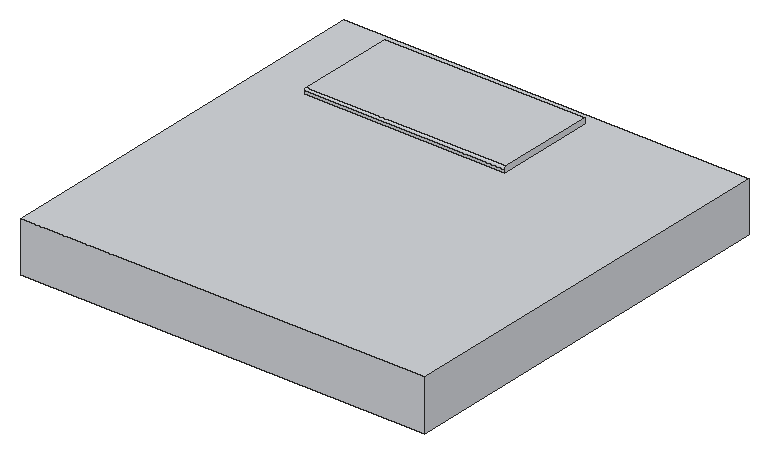
Revit family
Parameters
  Width = 2' - 0"
  URL = "www.coldspringgranite.com"
  TypicalJointSize = 0' - 0 1/2"
  StopFilletRightVisibilityOn = not(StopFilletRightVisibilityOff)  # no
  StopFilletRightVisibilityOff = StopFilletRight = 0' 0"  # yes
  StopFilletRight = 0' - 0"
  StopFilletLeftVisibilityOn = not(StopFilletLeftVisibilityOff)  # no
  StopFilletLeftVisibilityOff = StopFilletLeft = 0' 0"  # yes
  StopFilletLeft = 0' - 0"
  StoneMaterial = none
  Product Name = "Countertop Stone Panels with Radius Front Edge"
  Product Documentation Link = "http://www.coldspringgranite.com/BIM_Families/Family_Detail/Countertop_Stone_Panels_with_Radius_Front_Edge/"
  PhoneNumber = "800-551-7502"
  Notes = ""
  Model = "N/A"
  MaximumFilletRadius = if(Height < FilletRadius, Height - 0' 0 1/32", FilletRadius)  # 0' - 0 1/2"
  Manufacturer = "Cold Spring Granite Company"
  Low Emitting Material = yes
  Low Emitting Finish = yes
  Location = "17482 Granite West Road, Cold Spring, MN 56320-4578"
  Length [instance] = 4' - 0"
  LEED Credit = ""
  Keynote = "123640"
  JointRightOff = no
  JointRight = if(JointRightOff, 0' 0", TypicalJointSize / 2)  # 0' - 0 1/4"
  JointLeftOff = no
  JointLeft = if(JointLeftOff, 0' 0", TypicalJointSize / 2)  # 0' - 0 1/4"
  JointBackOff = no
  JointBack = if(JointBackOff, 0' 0", TypicalJointSize / 2)  # 0' - 0 1/4"
  Height = 0' - 1 3/16"
  FilletRadius = 0' - 0 1/2"
  Description = "Stone Countertop Fillet Front Edge"
  Default Elevation = 0' - 0"
  CountertopHeight = 2' - 10"
  Assembly Code = "C1030400"
Reference planes (in)
  plane 1 "Center (Front/Back)": y = 0
  plane 2: z = 0
  plane 3 "Center (Left/Right)": x = 0
  plane 4 "StoneLeft": x = 0.25
  plane 5 "StoneRight": x = 47.75
  plane 6 "JointRightCenter": x = 48
  plane 7 "StoneBack": y = -0.25
  plane 8 "StoneFront": y = -24
  plane 9 "StopFilletLeft": x = 0.25
  plane 10 "StopFilletRight": x = 47.75
  plane 11 "StoneTop": z = 34
  plane 12 "StoneBottom": z = 32.8125
  plane 13 "FilletRadiusTop": y = -23.5
  plane 14 "FilletRadiusFront": z = 33.5
Forms (in)
  Extrusion 1, solid
    sketch origin (0, 0, 0) x (1, 0, 0) y (0, 1, 0)
      loop
        line (-48, 48) -> (-48, -48) -> (48, -48) -> (48, 48) -> (-48, 48)
    from 0 to -12
  Extrusion 2, solid, material <- "StoneMaterial", detail levels medium+fine
    sketch origin (0, 0, 0) x (1, 0, 0) y (0, 1, 0)
      loop
        line (0.25, -24) -> (47.75, -24) -> (47.75, -0.25) -> (0.25, -0.25) -> (0.25, -24)
    from 32.8125 to 34
  Extrusion 3, void, detail levels medium+fine
    sketch origin (0, 0, 0) x (0, 1, 0) y (0, 0, 1)
      loop
        arc (-24, 33.5) -> (-23.85355, 33.85355) -> (-23.5, 34) r 0.5
        line (-23.5, 34) -> (-24, 34) -> (-24, 33.5)
    from 0.25 to 47.75
  Extrusion 4, solid, material <- "StoneMaterial", detail levels coarse
    sketch origin (0, 0, 0) x (1, 0, 0) y (0, 1, 0)
      loop
        line (0, -24) -> (48, -24) -> (48, 0) -> (0, 0) -> (0, -24)
    from 32.8125 to 34
Cuts and joins
  Extrusion 3 cuts Extrusion 2
Lines and regions (in)
  Masking region 1, detail levels coarse
    outline origin (0, 0, 34) x (-1, 0, 0) y (0, -1, 0)
      loop
        line (0, 24) -> (-48, 24) -> (-48, 0) -> (0, 0) -> (0, 24)
  Masking region 2, detail levels medium+fine
    outline origin (0, 0, 34) x (-1, 0, 0) y (0, -1, 0)
      loop
        line (-0.25, 0.25) -> (-0.25, 24) -> (-47.75, 24) -> (-47.75, 0.25) -> (-0.25, 0.25)
  Masking region 3, detail levels coarse
    outline origin (0.25, 0, 0) x (0, 1, 0) y (0, 0, 1)
      loop
        line (0, 34) -> (-24, 34) -> (-24, 32.8125) -> (0, 32.8125) -> (0, 34)
  Masking region 4, visible <- "StopFilletLeftVisibilityOn", detail levels medium
    outline origin (0.25, 0, 0) x (0, 1, 0) y (0, 0, 1)
      loop
        line (-0.25, 34) -> (-24, 34) -> (-24, 32.8125) -> (-0.25, 32.8125) -> (-0.25, 34)
  Masking region 5, visible <- "StopFilletLeftVisibilityOff", detail levels medium
    outline origin (0.25, 0, 0) x (0, 1, 0) y (0, 0, 1)
      loop
        line (-0.25, 34) -> (-23.5, 34)
        arc (-23.5, 34) -> (-23.85355, 33.85355) -> (-24, 33.5) r 0.5
        line (-24, 33.5) -> (-24, 32.8125) -> (-0.25, 32.8125) -> (-0.25, 34)
  Masking region 6, detail levels fine
    outline origin (0.25, 0, 0) x (0, 1, 0) y (0, 0, 1)
      loop
        arc (-23.5, 34) -> (-23.85355, 33.85355) -> (-24, 33.5) r 0.5
        line (-24, 33.5) -> (-24, 32.8125) -> (-0.25, 32.8125) -> (-0.25, 34) -> (-23.5, 34)
  Masking region 7, visible <- "StopFilletRightVisibilityOn", detail levels medium
    outline origin (47.75, 0, 0) x (0, -1, 0) y (0, 0, 1)
      loop
        line (24, 32.8125) -> (24, 34) -> (0.25, 34) -> (0.25, 32.8125) -> (24, 32.8125)
  Masking region 8, visible <- "StopFilletRightVisibilityOff", detail levels medium
    outline origin (47.75, 0, 0) x (0, -1, 0) y (0, 0, 1)
      loop
        arc (24, 33.5) -> (23.85355, 33.85355) -> (23.5, 34) r 0.5
        line (23.5, 34) -> (0.25, 34) -> (0.25, 32.8125) -> (24, 32.8125) -> (24, 33.5)
  Masking region 9, detail levels coarse
    outline origin (0, -24, 0) x (1, 0, 0) y (0, 0, 1)
      loop
        line (0, 34) -> (0, 32.8125) -> (48, 32.8125) -> (48, 34) -> (0, 34)
  Masking region 10, detail levels medium+fine
    outline origin (0, -24, 0) x (1, 0, 0) y (0, 0, 1)
      loop
        line (0.25, 34) -> (0.25, 32.8125) -> (47.75, 32.8125) -> (47.75, 34) -> (0.25, 34)
  symbolic lines, detail levels medium+fine
    curve 1: line (0.25, -24, 34) -> (0.25, -23.5, 34)
    curve 2: line (0.25, -23.5, 34) -> (47.75, -23.5, 34)
    curve 3: line (47.75, -23.5, 34) -> (47.75, -24, 34)
    curve 4: line (0.25, -24, 34) -> (0.25, -24, 33.5)
    curve 5: line (0.25, -24, 33.5) -> (47.75, -24, 33.5)
    curve 6: line (47.75, -24, 33.5) -> (47.75, -24, 34)
Dimensions and locks (in)
  "Length": plane 3 "Center (Left/Right)" to plane 6 "JointRightCenter"
  "JointRight": plane 5 "StoneRight" to plane 6 "JointRightCenter"
  "JointLeft": plane 3 "Center (Left/Right)" to plane 4 "StoneLeft"
  "StopFilletLeft": plane 4 "StoneLeft" to plane 9 "StopFilletLeft"
  "StopFilletRight": plane 10 "StopFilletRight" to plane 5 "StoneRight"
  "JointBack": plane 1 "Center (Front/Back)" to plane 7 "StoneBack"
  "Width": plane 8 "StoneFront" to plane 1 "Center (Front/Back)"
  "Height": plane 11 "StoneTop" to plane 12 "StoneBottom"
  "CountertopHeight": plane 11 "StoneTop" to plane 2
  "MaximumFilletRadius": plane 11 "StoneTop" to plane 14 "FilletRadiusFront"
  "MaximumFilletRadius": plane 13 "FilletRadiusTop" to plane 8 "StoneFront"
  "FilletRadius": radius of Extrusion 3 sketch curve
  aligned and locked: plane 2 to Extrusion 1
  aligned and locked: level to Extrusion 1
  aligned and locked: plane 7 "StoneBack" to Extrusion 2
  aligned and locked: Extrusion 2 to plane 4 "StoneLeft"
  aligned and locked: Extrusion 2 to plane 5 "StoneRight"
  aligned and locked: plane 8 "StoneFront" to Extrusion 2
  aligned and locked: plane 11 "StoneTop" to Extrusion 2
  aligned and locked: plane 12 "StoneBottom" to Extrusion 2
  aligned and locked: plane 8 "StoneFront" to Extrusion 3 sketch curve
  aligned and locked: plane 14 "FilletRadiusFront" to Extrusion 3 sketch curve  (x2)
  aligned and locked: plane 13 "FilletRadiusTop" to Extrusion 3 sketch curve  (x2)
  aligned and locked: Extrusion 3 sketch curve to Extrusion 2
  aligned and locked: Extrusion 2 to Extrusion 3 sketch curve
  aligned and locked: plane 11 "StoneTop" to Extrusion 3 sketch curve
  aligned and locked: cut or joined group of Extrusion 2, Extrusion 3 to plane 10 "StopFilletRight"
  aligned and locked: cut or joined group of Extrusion 2, Extrusion 3 to plane 9 "StopFilletLeft"
  aligned and locked: Extrusion 4 to plane 1 "Center (Front/Back)"
  aligned and locked: plane 6 "JointRightCenter" to Extrusion 4
  aligned and locked: plane 8 "StoneFront" to Extrusion 4
  aligned and locked: Extrusion 4 to plane 3 "Center (Left/Right)"
  aligned and locked: plane 11 "StoneTop" to Extrusion 4
  aligned and locked: plane 12 "StoneBottom" to Extrusion 4
  aligned and locked: Masking region 1 to plane 1 "Center (Front/Back)"
  aligned and locked: Masking region 1 to plane 3 "Center (Left/Right)"
  aligned and locked: plane 6 "JointRightCenter" to Masking region 1
  aligned and locked: plane 8 "StoneFront" to Masking region 1
  aligned and locked: plane 7 "StoneBack" to Masking region 2
  aligned and locked: Masking region 2 to plane 4 "StoneLeft"
  aligned and locked: Masking region 2 to plane 5 "StoneRight"
  aligned and locked: plane 8 "StoneFront" to Masking region 2
  aligned and locked: plane 9 "StopFilletLeft" to curve 2
  aligned and locked: plane 13 "FilletRadiusTop" to curve 3
  aligned and locked: plane 8 "StoneFront" to curve 3
  aligned and locked: plane 8 "StoneFront" to curve 1
  aligned and locked: plane 9 "StopFilletLeft" to curve 1
  aligned and locked: plane 10 "StopFilletRight" to curve 3
  aligned and locked: curve 2 to plane 13 "FilletRadiusTop"
  aligned and locked: Masking region 3 to plane 12 "StoneBottom"
  aligned and locked: Masking region 3 to plane 8 "StoneFront"
  aligned and locked: plane 1 "Center (Front/Back)" to Masking region 3
  aligned and locked: Masking region 3 to plane 11 "StoneTop"
  aligned and locked: Masking region 6 to plane 12 "StoneBottom"
  aligned and locked: Masking region 6 to plane 7 "StoneBack"
  aligned and locked: plane 11 "StoneTop" to Masking region 6 sketch curve  (x2)
  aligned and locked: plane 13 "FilletRadiusTop" to Masking region 6 sketch curve
  aligned and locked: plane 14 "FilletRadiusFront" to Masking region 6 sketch curve
  aligned and locked: plane 8 "StoneFront" to Masking region 6 sketch curve  (x2)
  aligned and locked: plane 7 "StoneBack" to Masking region 6 sketch curve  (x2)
  aligned and locked: plane 12 "StoneBottom" to Masking region 6 sketch curve
  aligned and locked: Masking region 4 to plane 11 "StoneTop"
  aligned and locked: Masking region 4 to plane 8 "StoneFront"
  aligned and locked: Masking region 4 to plane 12 "StoneBottom"
  aligned and locked: Masking region 4 to plane 7 "StoneBack"
  aligned and locked: plane 13 "FilletRadiusTop" to Masking region 5 sketch curve
  aligned and locked: plane 11 "StoneTop" to Masking region 5 sketch curve  (x2)
  aligned and locked: plane 8 "StoneFront" to Masking region 5 sketch curve  (x2)
  aligned and locked: plane 14 "FilletRadiusFront" to Masking region 5 sketch curve
  aligned and locked: plane 7 "StoneBack" to Masking region 5 sketch curve  (x2)
  aligned and locked: plane 12 "StoneBottom" to Masking region 5 sketch curve  (x2)
  aligned and locked: Masking region 7 to plane 8 "StoneFront"
  aligned and locked: Masking region 7 to plane 12 "StoneBottom"
  aligned and locked: Masking region 7 to plane 7 "StoneBack"
  aligned and locked: Masking region 7 to plane 11 "StoneTop"
  aligned and locked: plane 13 "FilletRadiusTop" to Masking region 8 sketch curve
  aligned and locked: plane 11 "StoneTop" to Masking region 8 sketch curve  (x2)
  aligned and locked: plane 14 "FilletRadiusFront" to Masking region 8 sketch curve
  aligned and locked: plane 8 "StoneFront" to Masking region 8 sketch curve  (x2)
  aligned and locked: plane 12 "StoneBottom" to Masking region 8 sketch curve  (x2)
  aligned and locked: plane 7 "StoneBack" to Masking region 8 sketch curve  (x2)
  aligned and locked: Masking region 9 to plane 3 "Center (Left/Right)"
  aligned and locked: plane 11 "StoneTop" to Masking region 9
  aligned and locked: plane 6 "JointRightCenter" to Masking region 9
  aligned and locked: plane 12 "StoneBottom" to Masking region 9
  aligned and locked: Masking region 10 to plane 4 "StoneLeft"
  aligned and locked: plane 11 "StoneTop" to Masking region 10
  aligned and locked: Masking region 10 to plane 5 "StoneRight"
  aligned and locked: plane 12 "StoneBottom" to Masking region 10
  aligned and locked: curve 4 to plane 9 "StopFilletLeft"
  aligned and locked: curve 5 to plane 14 "FilletRadiusFront"
  aligned and locked: curve 6 to plane 10 "StopFilletRight"
  aligned and locked: plane 11 "StoneTop" to curve 6
  aligned and locked: plane 11 "StoneTop" to curve 4
  aligned and locked: plane 9 "StopFilletLeft" to curve 5
  aligned and locked: plane 14 "FilletRadiusFront" to curve 6
Automatic sketch dimensions
  Extrusion 1 sketch curve to Extrusion 1 sketch curve = 8' - 0"  (x2)
  Extrusion 2 sketch curve to plane 9 "StopFilletLeft" = 0' - 0"
  Extrusion 2 sketch curve to plane 10 "StopFilletRight" = 0' - 0"
  plane 8 "StoneFront" to Extrusion 2 sketch curve = 0' - 0"
  Extrusion 2 sketch curve to plane 7 "StoneBack" = 0' - 0"
  Extrusion 4 sketch curve to plane 9 "StopFilletLeft" = 0' - 0 1/4"
  Extrusion 4 sketch curve to plane 10 "StopFilletRight" = 0' - 0 1/4"
  plane 8 "StoneFront" to Extrusion 4 sketch curve = 0' - 0"
  plane 7 "StoneBack" to Extrusion 4 sketch curve = 0' - 0 1/4"
  Masking region 1 sketch curve to plane 10 "StopFilletRight" = 0' - 0 1/4"
  Masking region 1 sketch curve to plane 9 "StopFilletLeft" = 0' - 0 1/4"
  plane 13 "FilletRadiusTop" to Masking region 1 sketch curve = 1' - 11 1/2"
  plane 8 "StoneFront" to Masking region 1 sketch curve = 0' - 0"
  Masking region 2 sketch curve to plane 10 "StopFilletRight" = 0' - 0"
  Masking region 2 sketch curve to plane 9 "StopFilletLeft" = 0' - 0"
  Masking region 2 sketch curve to plane 8 "StoneFront" = 1' - 11 3/4"
  Masking region 2 sketch curve to Masking region 2 sketch curve = 1' - 11 3/4"
  Masking region 3 sketch curve to plane 8 "StoneFront" = 0' - 0"
  Masking region 3 sketch curve to plane 1 "Center (Front/Back)" = 0' - 0"
  plane 12 "StoneBottom" to Masking region 3 sketch curve = 0' - 0"
  Masking region 3 sketch curve to plane 11 "StoneTop" = 0' - 0"
  Masking region 4 sketch curve to plane 13 "FilletRadiusTop" = 0' - 0 1/2"
  plane 7 "StoneBack" to Masking region 4 sketch curve = 0' - 0"
  plane 12 "StoneBottom" to Masking region 4 sketch curve = 0' - 0"
  Masking region 4 sketch curve to Masking region 4 sketch curve = 0' - 1 3/16"
  plane 7 "StoneBack" to Masking region 7 sketch curve = 0' - 0"
  Masking region 7 sketch curve to plane 13 "FilletRadiusTop" = 0' - 0 1/2"
  Masking region 7 sketch curve to plane 11 "StoneTop" = 0' - 1 3/16"
  Masking region 7 sketch curve to Masking region 7 sketch curve = 0' - 1 3/16"
  Masking region 9 sketch curve to plane 9 "StopFilletLeft" = 0' - 0 1/4"
  plane 6 "JointRightCenter" to Masking region 9 sketch curve = 0' - 0"
  plane 12 "StoneBottom" to Masking region 9 sketch curve = 0' - 0"
  Masking region 9 sketch curve to plane 12 "StoneBottom" = 0' - 1 3/16"
  Masking region 10 sketch curve to plane 9 "StopFilletLeft" = 0' - 0"
  Masking region 10 sketch curve to plane 6 "JointRightCenter" = 0' - 0 1/4"
  plane 12 "StoneBottom" to Masking region 10 sketch curve = 0' - 0"
  Masking region 10 sketch curve to Masking region 10 sketch curve = 0' - 1 3/16"
Nested families (in)
  nested 1: "CopyRight" at (0, 0, 0), type "CopyRight"
Definition of nested family "CopyRight"
  Parameters (values of type "CopyRight")
    CopyRight = "Cold Spring Granite Company"
  Reference planes (in)
    plane 1: z = 0
